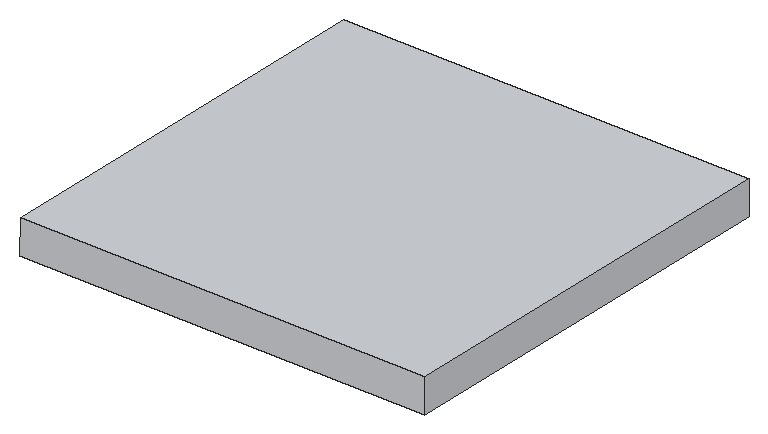
Revit family "11e98c5ea77140b09611d1f9e3fb50ca", category Generic Models, host Face, Revit 2021
Family settings
  Host = Face
  Can host rebar = No
  Round Connector Dimension = Use Diameter
  Part Type = Normal
  Cut with Voids When Loaded = Yes
  Shared = Yes
  Room Calculation Point = No
Parameters (values of type "Oval 3''x5''")
  Radius Horizontal = 0' - 1 1/2"
  Radius Vertical = 0' - 2 1/2"
  Position from Top [instance] = 0' - 4"
  Length of Instance [instance] = 3' - 4"
  Is Hole = yes
  Default Elevation = -0' - 1 1/2"
Reference planes (in)
  plane 1 "Center ( Front/Back)": y = 0
  plane 2 "Bottom": z = 0
  plane 3 "Center (Left/Right)": x = 0
  plane 4 "Left": x = 0
  plane 5: z = -4
Forms (in)
  Extrusion 1, solid
    sketch origin (-3.14961, 0, 0) x (1, 0, 0) y (0, 1, 0)
      loop
        line (-48.0315, 48) -> (-48.0315, -48) -> (48, -48) -> (48, 48) -> (-48.0315, 48)
    from 0 to -8
  Extrusion 2, void
    sketch origin (-0.7874, 0, -0.09843) x (1, 0, 0) y (0, 0, 1)
      loop
        spline (0.7874, -1.40157) -> (0.39917, -1.48676) -> (0.0374, -1.73651) -> (-0.27326, -2.13381) -> (-0.51164, -2.65157) -> (-0.66149, -3.25453) -> (-0.7126, -3.90157) -> (-0.66149, -4.54862) -> (-0.51164, -5.15157) -> (-0.27326, -5.66934) -> (0.0374, -6.06664) -> (0.39917, -6.31639) -> (0.7874, -6.40157)
        spline (0.7874, -6.40157) -> (1.17563, -6.31639) -> (1.5374, -6.06664) -> (1.84806, -5.66934) -> (2.08644, -5.15157) -> (2.23629, -4.54862) -> (2.2874, -3.90157) -> (2.23629, -3.25453) -> (2.08644, -2.65157) -> (1.84806, -2.13381) -> (1.5374, -1.73651) -> (1.17563, -1.48676) -> (0.7874, -1.40157)
    from 0 to 40 <- "Length of Instance"
Dimensions and locks (in)
  "Radius Vertical": Extrusion 2 sketch curve to Extrusion 2 sketch curve
  "Radius Horizontal": Extrusion 2 sketch curve to Extrusion 2 sketch curve
  "Position from Top": level to plane 5
  aligned and locked: plane 2 "Bottom" to Extrusion 1
  aligned and locked: level to Extrusion 1
  aligned and locked: plane 4 "Left" to Extrusion 2 sketch curve
  aligned and locked: plane 5 to Extrusion 2 sketch curve
Automatic sketch dimensions
  Extrusion 1 sketch curve to Extrusion 1 sketch curve = 8' - 0.0315"
  Extrusion 1 sketch curve to Extrusion 1 sketch curve = 8' - 0"
